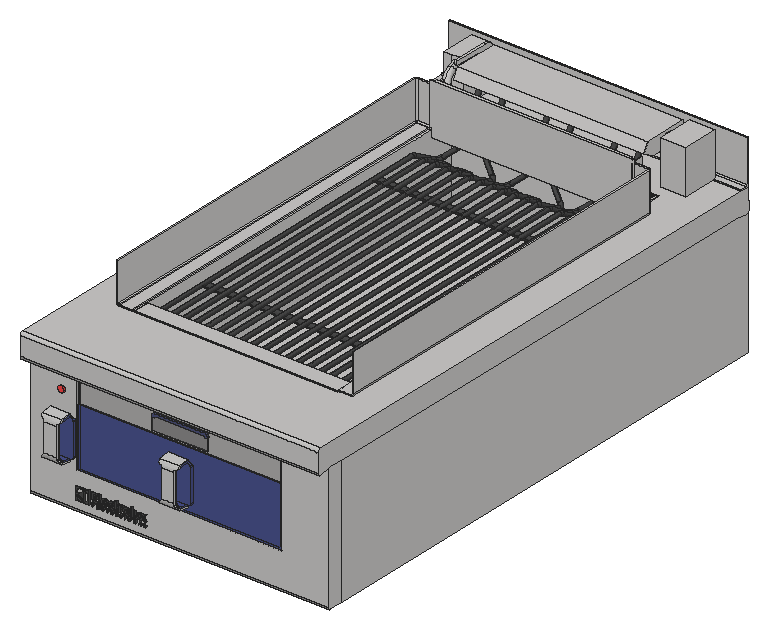
Revit family "QF_ELECTROLUXPROFESSIONAL_589285_MCDDABEOIO", category Specialty Equipment, Revit 2018
Family settings
  Round Connector Dimension = Use Diameter
  Part Type = Normal
  Work Plane-Based = No
  Always vertical = Yes
  Cut with Voids When Loaded = No
  Shared = No
  Room Calculation Point = No
Parameters
  Weight = 29.4835 kg
  Watts = 0 W
  Volts = 0 V
  URL Manufacturer = ""
  URL = ""
  Steam Supply Size = 0"
  Steam Supply Minimum Pressure = 0.00 psi
  Steam Supply Maximum Pressure = 0.00 psi
  Steam Pounds per Hour = 0
  Refrigeration Suction Line Size = 0"
  Refrigeration Liquid Line Size = 0"
  Refrigerant Compressor Remote = yes
  Phase = 0
  Model = ""
  Manufacturer = ""
  Length Actual = 500 mm  # constant formula
  Item Number = ""
  Hot Water Size = 0"
  Height Actual = 250 mm  # constant formula
  HP = "7.2 HP"
  Gas Size = 0"
  Gas KW = 0
  Gas Input Pressure = 0.0 Btu/h
  Direct Waste Size = 1/2"
  Description = ""
  Depth Actual = 900 mm  # constant formula
  Cycle = 0 Hz
  Condensate Return Size = 0"
  Compressed Air Volume = 0 GPM
  Compressed Air Size = 0"
  Compressed Air Pressure = 0.00 psi
  Cold Water Size = 0"
  Accessory = yes
Reference planes
  plane 1 "BACK": y = 0
  plane 2: z = 0
  plane 3 "LEFT": x = 0
  plane 4 "RIGHT": x = 500
  plane 5 "FRONT": y = -900
  plane 6 "PLAIN": z = 900
  plane 7 "Center (Left/Right)": x = 250
  plane 8 "Center (Front/Back)": y = -450
  plane 9 "Grill": z = 888
  plane 10 "MontanteBack": y = -70
  plane 11 "sCARICO": through (67.169, -71.534, 1219.2) normal (0.9563, 0.2923, 0)
  plane 12 "BASE": z = 650
  plane 13 "TOP": z = 974
  plane 14 "EI_x": y = -685
  plane 15 "EI_y": x = 456
  plane 16: z = 1624
Forms (mm)
  Sweep 1, solid, material "QF_Finishes_Stainless Steel"
    path origin (0, -5, 0) x (1, 0, 0) y (0, 1, 0)
      loop
        line (446.548, -756) -> (446.548, -136.621)
        arc (446.548, -136.621) -> (445.376, -133.793) -> (442.548, -132.621) r 4
        line (442.548, -132.621) -> (420.548, -132.621)
        arc (420.548, -132.621) -> (417.72, -131.449) -> (416.548, -128.621) r 4
        line (416.548, -128.621) -> (416.548, -114.621)
    profile origin (446.548, -451.31, 0) x (-1, 0, 0) y (0, 0, 1)
      loop
        line (1.048, 904) -> (1.048, 967.5) -> (-0.952, 967.5) -> (-0.952, 904)
        arc (-0.952, 904) -> (0.193, 900.815) -> (3.105, 899.09) r 5
        line (3.105, 899.09) -> (3.105, 901.152)
        arc (3.105, 901.152) -> (1.616, 902.244) -> (1.048, 904) r 3
  Sweep 2, solid, material "QF_Finishes_Stainless Steel"
    path origin (500, -5, 0) x (-1, 0, 0) y (0, 1, 0)
      loop
        line (446.548, -759) -> (446.548, -136.621)
        arc (446.548, -136.621) -> (445.376, -133.793) -> (442.548, -132.621) r 4
        line (442.548, -132.621) -> (420.548, -132.621)
        arc (420.548, -132.621) -> (417.72, -131.449) -> (416.548, -128.621) r 4
        line (416.548, -128.621) -> (416.548, -114.621)
    profile origin (53.452, -452.81, 0) x (-1, 0, 0) y (0, 0, 1)
      loop
        arc (-1.048, 904.91) -> (-1.616, 903.154) -> (-3.105, 902.062) r 3
        line (-3.105, 902.062) -> (-3.105, 900)
        arc (-3.105, 900) -> (-0.193, 901.725) -> (0.952, 904.91) r 5
        line (0.952, 904.91) -> (0.952, 967.5) -> (-1.048, 967.5) -> (-1.048, 904.91)
  Extrusion 3, solid, material "QF_Finishes_Stainless Steel"
    sketch origin (0, 0, 650) x (1, 0, 0) y (0, 0, 1)
      loop
        line (76, 105) -> (424, 105) -> (424, 250) -> (419, 250) -> (419, 110) -> (81, 110) -> (81, 250) -> (76, 250) -> (76, 105)
    from 92 to 761.249
  Extrusion 4, solid, material "QF_Finishes_Stainless Steel"
    sketch origin (0, 0, 650) x (0, 1, 0) y (0, 0, 1)
      loop
        arc (-4.695, 210.061) -> (-1.429, 210.936) -> (0, 214) r 4
        line (0, 214) -> (0, 246)
        arc (0, 246) -> (-1.172, 248.828) -> (-4, 250) r 4
        line (-4, 250) -> (-895, 250)
        arc (-895, 250) -> (-898.536, 248.536) -> (-900, 245) r 5
        line (-900, 245) -> (-900, 214)
        arc (-900, 214) -> (-898.571, 210.936) -> (-895.305, 210.061) r 4
        line (-895.305, 210.061) -> (-878.81, 212.969) -> (-21.19, 212.969) -> (-4.695, 210.061)
    from 0 to 500
  Extrusion 5, void
    sketch origin (0, 0, 650) x (1, 0, 0) y (0, 0, 1)
      loop
        line (76, 255) -> (76, 206.834) -> (424, 206.834) -> (424, 255) -> (76, 255)
    from 95 to 761
  Extrusion 6, solid, material "QF_Finishes_Stainless Steel"
    sketch origin (250, 303.899, 1047.01) x (0, 1, 0) y (0, 0, 1)
      loop
        circle (-352.832, -92.011) r 16
    from -173.505 to 161.495
  Sweep 7, solid, material "QF_Finishes_Stainless Steel"
    path origin (0, -70, -250) x (0, 0, 1) y (-1, 0, 0)
      loop
        line (1112.969, -2) -> (900, -2) -> (900, -498) -> (1113, -498)
    profile origin (2, -70, 756.485) x (0, -1, 0) y (1, 0, 0)
      loop
        line (25.019, 0) -> (25.019, 25) -> (22, 25) -> (22, 3) -> (-22, 3) -> (-22, 25) -> (-24.981, 25) -> (-24.981, 0) -> (25.019, 0)
  Extrusion 8, solid, material "QF_Finishes_Stainless Steel"
    sketch origin (0, 0, 888) x (0, 1, 0) y (-1, 0, 0)
      loop
        line (-761, -443.443) -> (-141.621, -443.443)
        arc (-141.621, -443.443) -> (-140.988, -443.181) -> (-140.726, -442.548) r 0.895
        line (-140.726, -442.548) -> (-140.726, -422.652) -> (-761, -422.652) -> (-761, -443.443)
      loop
        line (-764, -56.557) -> (-764, -77.348) -> (-140.726, -77.348) -> (-140.726, -57.452)
        arc (-140.726, -57.452) -> (-140.988, -56.819) -> (-141.621, -56.557) r 0.895
        line (-141.621, -56.557) -> (-764, -56.557)
    from 12 to 14.062
  Extrusion 9, solid, material "QF_Finishes_Black"
    sketch origin (250, 296.4, 1869.2) x (0, 1, 0) y (0, 0, 1)
      loop
        circle (-553.985, -991.468) r 4.002
      loop
        circle (-913.985, -991.468) r 4.002
    from -172 to 174
  Extrusion 10, solid, material "QF_Finishes_Stainless Steel"
    sketch origin (500, 0, 650) x (0, -1, 0) y (0, 0, 1)
      loop
        line (0, 214) -> (0, 0) -> (854, 0) -> (854, 212.969) -> (21.19, 212.969) -> (4.695, 210.061)
        arc (4.695, 210.061) -> (1.429, 210.936) -> (0, 214) r 4
    from 0 to 2
  Extrusion 11, solid, material "QF_Finishes_Stainless Steel"
    sketch origin (250, 296.4, 1869.2) x (0, 1, 0) y (0, 0, 1)
      loop
        arc (-296.4, -1005.2) -> (-296.936, -1007.2) -> (-298.4, -1008.664) r 4
        line (-298.4, -1008.664) -> (-298.4, -1219.2) -> (-296.4, -1219.2) -> (-296.4, -1005.2)
    from -248.691 to 248
  Extrusion 12, solid, material "QF_Finishes_Stainless Steel"
    sketch origin (0, 0, 650) x (0, 1, 0) y (0, 0, 1)
      loop
        arc (0, 214) -> (-1.429, 210.936) -> (-4.695, 210.061) r 4
        line (-4.695, 210.061) -> (-21.19, 212.969) -> (-854, 212.969) -> (-854, 0) -> (0, 0) -> (0, 214)
    from 0 to 2
  Extrusion 13, solid, material "QF_Finishes_Stainless Steel"
    sketch origin (0, 5, 888) x (0, 1, 0) y (-1, 0, 0)
      loop
        line (-16.433, -411.495) -> (-78.433, -411.495) -> (-78.433, -453.495) -> (-16.433, -453.495) -> (-16.433, -411.495)
    from 12 to 86
  Extrusion 14, solid, material "QF_Finishes_Stainless Steel"
    sketch origin (0, 5, 888) x (0, 1, 0) y (-1, 0, 0)
      loop
        line (-16.433, -76.495) -> (-16.433, -46.495) -> (-76.433, -46.495) -> (-76.433, -60.491) -> (-71.54, -76.495) -> (-16.433, -76.495)
    from 12 to 86
  Extrusion 15, solid, material "QF_Finishes_Stainless Steel"
    sketch origin (250, 296.4, 1043.2) x (0, 1, 0) y (0, 0, 1)
      loop
        line (-312.832, -69.2) -> (-387.871, -69.2) -> (-396.4, -83.974) -> (-375.871, -95.826) -> (-329.794, -95.826) -> (-312.832, -86.033) -> (-312.832, -69.2)
    from -163.443 to 154.184
  Extrusion 16, solid, material "QF_Finishes_Black"
    sketch origin (0, -900, 650) x (1, 0, 0) y (0, 0, 1)
      loop
        spline (109.591, 27.285) -> (109.385, 27.294) -> (109.166, 27.322) -> (108.939, 27.374) -> (108.71, 27.451) -> (108.486, 27.559) -> (108.272, 27.7) -> (108.075, 27.878) -> (107.9, 28.096) -> (107.753, 28.358) -> (107.641, 28.667) -> (107.569, 29.026) -> (107.544, 29.44)
        line (107.544, 29.44) -> (107.544, 31.273) -> (113.596, 31.273) -> (113.596, 33.611) -> (107.543, 33.611) -> (107.543, 37.014) -> (113.982, 37.014) -> (113.982, 39.345) -> (105.065, 39.345) -> (105.065, 29.546)
        spline (105.065, 29.546) -> (105.088, 28.943) -> (105.155, 28.375) -> (105.269, 27.843) -> (105.431, 27.35) -> (105.642, 26.898) -> (105.903, 26.487) -> (106.215, 26.121) -> (106.581, 25.802) -> (107.001, 25.531) -> (107.476, 25.309) -> (108.008, 25.141) -> (108.597, 25.026)
        line (108.597, 25.026) -> (109.57, 24.956) -> (114.154, 24.956) -> (114.154, 27.285) -> (109.591, 27.285)
      loop
        line (115.915, 32.546) -> (115.915, 24.953) -> (118.393, 24.953) -> (118.393, 39.349) -> (115.915, 39.349) -> (115.915, 32.546)
      loop
        spline (130.665, 30.422) -> (130.623, 31.14) -> (130.499, 31.828) -> (130.296, 32.48) -> (130.018, 33.089) -> (129.668, 33.649) -> (129.249, 34.154) -> (128.766, 34.599) -> (128.222, 34.976) -> (127.62, 35.28) -> (126.963, 35.505) -> (126.255, 35.644) -> (125.499, 35.692)
        spline (125.499, 35.692) -> (124.728, 35.647) -> (123.994, 35.515) -> (123.305, 35.299) -> (122.666, 35.003) -> (122.081, 34.629) -> (121.556, 34.182) -> (121.097, 33.663) -> (120.71, 33.078) -> (120.399, 32.429) -> (120.17, 31.719) -> (120.029, 30.952) -> (119.98, 30.131)
        spline (119.98, 30.131) -> (120.027, 29.33) -> (120.164, 28.582) -> (120.388, 27.889) -> (120.693, 27.254) -> (121.076, 26.682) -> (121.533, 26.175) -> (122.057, 25.737) -> (122.647, 25.371) -> (123.296, 25.081) -> (124.002, 24.869) -> (124.758, 24.74) -> (125.562, 24.696)
        spline (125.562, 24.696) -> (125.954, 24.705) -> (126.341, 24.735) -> (126.725, 24.786) -> (127.103, 24.862) -> (127.477, 24.963) -> (127.846, 25.093) -> (128.211, 25.252) -> (128.571, 25.443) -> (128.926, 25.668) -> (129.275, 25.928) -> (129.62, 26.226) -> (129.96, 26.563)
        line (129.96, 26.563) -> (128.466, 28.016)
        spline (128.466, 28.016) -> (128.269, 27.826) -> (128.072, 27.653) -> (127.871, 27.495) -> (127.666, 27.353) -> (127.454, 27.228) -> (127.235, 27.118) -> (127.005, 27.025) -> (126.764, 26.949) -> (126.509, 26.889) -> (126.238, 26.847) -> (125.951, 26.821) -> (125.645, 26.812)
        spline (125.645, 26.812) -> (125.196, 26.834) -> (124.776, 26.9) -> (124.385, 27.007) -> (124.025, 27.153) -> (123.698, 27.338) -> (123.407, 27.559) -> (123.152, 27.815) -> (122.935, 28.103) -> (122.759, 28.423) -> (122.625, 28.772) -> (122.535, 29.148) -> (122.491, 29.551)
        line (122.491, 29.551) -> (130.624, 29.551) -> (130.665, 30.422)
      loop
        spline (128.134, 31.294) -> (128.11, 31.6) -> (128.04, 31.895) -> (127.927, 32.175) -> (127.774, 32.439) -> (127.584, 32.682) -> (127.362, 32.902) -> (127.108, 33.096) -> (126.828, 33.261) -> (126.524, 33.394) -> (126.199, 33.493) -> (125.856, 33.555) -> (125.499, 33.576)
        spline (125.499, 33.576) -> (125.117, 33.555) -> (124.748, 33.495) -> (124.397, 33.397) -> (124.067, 33.265) -> (123.761, 33.102) -> (123.482, 32.909) -> (123.233, 32.69) -> (123.018, 32.448) -> (122.839, 32.184) -> (122.7, 31.902) -> (122.604, 31.604) -> (122.554, 31.294)
        line (122.554, 31.294) -> (128.134, 31.294)
      loop
        spline (134.414, 30.194) -> (134.442, 30.655) -> (134.525, 31.092) -> (134.66, 31.503) -> (134.842, 31.883) -> (135.069, 32.23) -> (135.337, 32.541) -> (135.644, 32.813) -> (135.985, 33.042) -> (136.357, 33.225) -> (136.758, 33.36) -> (137.183, 33.444) -> (137.63, 33.472)
        spline (137.63, 33.472) -> (137.904, 33.463) -> (138.167, 33.438) -> (138.418, 33.396) -> (138.659, 33.338) -> (138.891, 33.263) -> (139.113, 33.174) -> (139.327, 33.069) -> (139.532, 32.95) -> (139.73, 32.816) -> (139.922, 32.668) -> (140.106, 32.506) -> (140.285, 32.331)
        line (140.285, 32.331) -> (141.821, 33.929)
        spline (141.821, 33.929) -> (141.515, 34.234) -> (141.201, 34.509) -> (140.877, 34.753) -> (140.545, 34.968) -> (140.205, 35.155) -> (139.858, 35.313) -> (139.503, 35.445) -> (139.141, 35.552) -> (138.772, 35.632) -> (138.397, 35.689) -> (138.016, 35.723) -> (137.63, 35.734)
        spline (137.63, 35.734) -> (136.855, 35.686) -> (136.114, 35.545) -> (135.411, 35.317) -> (134.754, 35.007) -> (134.15, 34.621) -> (133.605, 34.162) -> (133.125, 33.637) -> (132.718, 33.05) -> (132.39, 32.408) -> (132.147, 31.714) -> (131.997, 30.974) -> (131.945, 30.194)
        spline (131.945, 30.194) -> (131.997, 29.414) -> (132.147, 28.674) -> (132.39, 27.981) -> (132.718, 27.338) -> (133.125, 26.751) -> (133.605, 26.226) -> (134.15, 25.767) -> (134.754, 25.381) -> (135.411, 25.071) -> (136.114, 24.843) -> (136.855, 24.702) -> (137.63, 24.654)
        spline (137.63, 24.654) -> (138.016, 24.665) -> (138.397, 24.699) -> (138.772, 24.756) -> (139.141, 24.837) -> (139.503, 24.943) -> (139.858, 25.075) -> (140.205, 25.233) -> (140.545, 25.42) -> (140.877, 25.635) -> (141.201, 25.879) -> (141.515, 26.154) -> (141.821, 26.46)
        line (141.821, 26.46) -> (140.285, 28.057)
        spline (140.285, 28.057) -> (140.106, 27.882) -> (139.922, 27.72) -> (139.73, 27.573) -> (139.532, 27.439) -> (139.327, 27.319) -> (139.113, 27.214) -> (138.891, 27.125) -> (138.659, 27.05) -> (138.418, 26.992) -> (138.167, 26.95) -> (137.904, 26.925) -> (137.63, 26.916)
        spline (137.63, 26.916) -> (137.183, 26.944) -> (136.758, 27.028) -> (136.357, 27.163) -> (135.985, 27.346) -> (135.644, 27.575) -> (135.337, 27.847) -> (135.069, 28.158) -> (134.842, 28.505) -> (134.66, 28.885) -> (134.525, 29.296) -> (134.442, 29.733) -> (134.414, 30.194)
      loop
        spline (148.14, 27.282) -> (147.921, 27.278) -> (147.687, 27.295) -> (147.443, 27.335) -> (147.196, 27.404) -> (146.952, 27.504) -> (146.717, 27.641) -> (146.497, 27.817) -> (146.298, 28.038) -> (146.127, 28.306) -> (145.989, 28.626) -> (145.891, 29.003) -> (145.839, 29.439)
        line (145.839, 29.439) -> (145.839, 33.112) -> (148.093, 33.112) -> (148.093, 35.363) -> (145.842, 35.363) -> (145.842, 39.349) -> (143.364, 39.349) -> (143.364, 29.299)
        spline (143.364, 29.299) -> (143.417, 28.715) -> (143.513, 28.167) -> (143.653, 27.655) -> (143.838, 27.182) -> (144.07, 26.749) -> (144.349, 26.358) -> (144.676, 26.011) -> (145.054, 25.709) -> (145.482, 25.456) -> (145.963, 25.252) -> (146.496, 25.099) -> (147.084, 25)
        line (147.084, 25) -> (148.131, 24.953) -> (148.14, 27.282)
      loop
        spline (156.479, 35.508) -> (156.05, 35.534) -> (155.637, 35.526) -> (155.241, 35.486) -> (154.864, 35.413) -> (154.506, 35.31) -> (154.168, 35.177) -> (153.853, 35.015) -> (153.559, 34.826) -> (153.29, 34.61) -> (153.046, 34.369) -> (152.828, 34.103) -> (152.637, 33.815)
        line (152.637, 33.815) -> (152.637, 35.363) -> (150.179, 35.363) -> (150.179, 24.953) -> (152.637, 24.953) -> (152.637, 30.426)
        spline (152.637, 30.426) -> (152.66, 30.841) -> (152.726, 31.228) -> (152.835, 31.585) -> (152.984, 31.911) -> (153.173, 32.205) -> (153.399, 32.464) -> (153.66, 32.687) -> (153.956, 32.873) -> (154.284, 33.02) -> (154.642, 33.127) -> (155.03, 33.193) -> (155.446, 33.215)
        line (155.446, 33.215) -> (156.479, 33.112) -> (156.479, 35.508)
      loop
        spline (168.219, 30.158) -> (168.167, 30.921) -> (168.016, 31.649) -> (167.772, 32.335) -> (167.444, 32.974) -> (167.036, 33.559) -> (166.556, 34.085) -> (166.01, 34.546) -> (165.406, 34.936) -> (164.75, 35.249) -> (164.049, 35.481) -> (163.31, 35.623) -> (162.539, 35.672)
        spline (162.539, 35.672) -> (161.763, 35.623) -> (161.02, 35.481) -> (160.318, 35.249) -> (159.661, 34.936) -> (159.057, 34.546) -> (158.513, 34.085) -> (158.035, 33.559) -> (157.628, 32.974) -> (157.301, 32.335) -> (157.059, 31.649) -> (156.909, 30.921) -> (156.858, 30.158)
        spline (156.858, 30.158) -> (156.909, 29.394) -> (157.059, 28.667) -> (157.301, 27.981) -> (157.628, 27.342) -> (158.035, 26.757) -> (158.513, 26.231) -> (159.057, 25.77) -> (159.661, 25.38) -> (160.318, 25.066) -> (161.02, 24.835) -> (161.763, 24.692) -> (162.539, 24.643)
        spline (162.539, 24.643) -> (163.31, 24.692) -> (164.049, 24.835) -> (164.75, 25.066) -> (165.406, 25.38) -> (166.01, 25.77) -> (166.556, 26.231) -> (167.036, 26.757) -> (167.444, 27.342) -> (167.772, 27.981) -> (168.016, 28.667) -> (168.167, 29.394) -> (168.219, 30.158)
      loop
        spline (165.76, 30.158) -> (165.731, 30.608) -> (165.648, 31.038) -> (165.512, 31.443) -> (165.329, 31.821) -> (165.101, 32.167) -> (164.831, 32.479) -> (164.524, 32.752) -> (164.182, 32.984) -> (163.809, 33.17) -> (163.409, 33.307) -> (162.984, 33.392) -> (162.539, 33.421)
        spline (162.539, 33.421) -> (162.089, 33.392) -> (161.662, 33.307) -> (161.26, 33.17) -> (160.886, 32.984) -> (160.545, 32.752) -> (160.238, 32.479) -> (159.97, 32.167) -> (159.744, 31.821) -> (159.562, 31.443) -> (159.428, 31.038) -> (159.345, 30.608) -> (159.317, 30.158)
        spline (159.317, 30.158) -> (159.345, 29.707) -> (159.428, 29.278) -> (159.562, 28.872) -> (159.744, 28.495) -> (159.97, 28.148) -> (160.238, 27.836) -> (160.545, 27.563) -> (160.886, 27.332) -> (161.26, 27.145) -> (161.662, 27.008) -> (162.089, 26.923) -> (162.539, 26.894)
        spline (162.539, 26.894) -> (162.984, 26.923) -> (163.409, 27.008) -> (163.809, 27.145) -> (164.182, 27.332) -> (164.524, 27.563) -> (164.831, 27.836) -> (165.101, 28.148) -> (165.329, 28.495) -> (165.512, 28.872) -> (165.648, 29.278) -> (165.731, 29.707) -> (165.76, 30.158)
      loop
        line (169.743, 32.794) -> (169.743, 24.953) -> (172.222, 24.953) -> (172.222, 39.349) -> (169.743, 39.349) -> (169.743, 32.794)
      loop
        line (181.161, 35.363) -> (181.161, 29.311)
        spline (181.161, 29.311) -> (181.141, 28.918) -> (181.083, 28.563) -> (180.989, 28.246) -> (180.861, 27.966) -> (180.702, 27.723) -> (180.513, 27.514) -> (180.297, 27.34) -> (180.057, 27.2) -> (179.793, 27.092) -> (179.509, 27.016) -> (179.207, 26.971) -> (178.889, 26.956)
        spline (178.889, 26.956) -> (178.571, 26.971) -> (178.269, 27.016) -> (177.985, 27.091) -> (177.721, 27.199) -> (177.481, 27.339) -> (177.265, 27.512) -> (177.076, 27.718) -> (176.917, 27.96) -> (176.789, 28.237) -> (176.695, 28.551) -> (176.637, 28.901) -> (176.617, 29.29)
        line (176.617, 29.29) -> (176.617, 35.363) -> (174.118, 35.363) -> (174.118, 29.083)
        spline (174.118, 29.083) -> (174.162, 28.372) -> (174.29, 27.725) -> (174.497, 27.141) -> (174.776, 26.621) -> (175.12, 26.163) -> (175.525, 25.768) -> (175.983, 25.435) -> (176.489, 25.163) -> (177.037, 24.953) -> (177.62, 24.803) -> (178.233, 24.714) -> (178.869, 24.684)
        spline (178.869, 24.684) -> (179.51, 24.714) -> (180.127, 24.805) -> (180.715, 24.957) -> (181.267, 25.17) -> (181.778, 25.446) -> (182.24, 25.784) -> (182.648, 26.184) -> (182.996, 26.648) -> (183.277, 27.176) -> (183.485, 27.768) -> (183.615, 28.424) -> (183.66, 29.146)
        line (183.66, 29.146) -> (183.66, 35.363) -> (181.161, 35.363)
      loop
        line (193.038, 28.282) -> (191.475, 30.467) -> (193.41, 33.104) -> (195.068, 35.363) -> (192.363, 35.363) -> (190.11, 32.244) -> (187.839, 35.363) -> (185.154, 35.363) -> (186.694, 33.256) -> (188.748, 30.447) -> (186.595, 27.449) -> (184.803, 24.953) -> (187.467, 24.953) -> (190.11, 28.63) -> (192.755, 24.953) -> (195.419, 24.953) -> (193.038, 28.282)
      loop
        line (106.459, 22.688) -> (104.542, 22.688) -> (104.542, 17.711) -> (105.565, 17.711) -> (105.565, 19.398) -> (106.459, 19.398)
        arc (106.459, 19.398) -> (108.104, 21.043) -> (106.459, 22.688) r 1.645
      loop
        line (106.418, 21.747) -> (105.565, 21.747) -> (105.565, 20.338) -> (106.418, 20.338)
        arc (106.418, 20.338) -> (107.122, 21.043) -> (106.418, 21.747) r 0.704
      loop
        line (114.268, 22.688) -> (112.316, 22.688) -> (112.316, 17.711) -> (113.339, 17.711) -> (113.339, 19.425) -> (114.12, 19.343) -> (115.101, 17.711) -> (116.262, 17.711) -> (115.068, 19.677)
        arc (115.068, 19.677) -> (115.692, 20.259) -> (115.91, 21.084) r 1.536
        arc (115.91, 21.084) -> (115.416, 22.22) -> (114.268, 22.688) r 1.643
      loop
        arc (114.178, 20.359) -> (114.873, 21.02) -> (114.247, 21.747) r 0.696
        line (114.247, 21.747) -> (113.339, 21.747) -> (113.339, 20.359) -> (114.178, 20.359)
      loop
        circle (122.616, 20.2) r 2.585
      loop
        circle (122.616, 20.2) r 1.64
      loop
        line (129.481, 22.688) -> (129.481, 17.711) -> (130.504, 17.711) -> (130.504, 19.757) -> (132.377, 19.757) -> (132.377, 20.698) -> (130.504, 20.698) -> (130.504, 21.747) -> (132.557, 21.747) -> (132.557, 22.688) -> (129.481, 22.688)
      loop
        line (136.778, 22.688) -> (136.778, 19.325)
        arc (136.778, 19.325) -> (137.237, 18.185) -> (138.371, 17.711) r 1.593
        line (138.371, 17.711) -> (139.978, 17.711) -> (139.978, 18.498) -> (138.577, 18.498)
        arc (138.577, 18.498) -> (138.029, 18.725) -> (137.802, 19.273) r 0.775
        line (137.802, 19.273) -> (137.802, 20.101) -> (139.792, 20.101) -> (139.792, 20.883) -> (137.802, 20.883) -> (137.802, 21.747) -> (139.93, 21.747) -> (139.93, 22.688) -> (136.778, 22.688)
      loop
        line (146.672, 21.383) -> (147.407, 21.887)
        arc (147.407, 21.887) -> (146.726, 22.552) -> (145.799, 22.771) r 1.782
        arc (145.799, 22.771) -> (145.183, 22.647) -> (144.637, 22.336) r 1.974
        arc (144.637, 22.336) -> (144.379, 22.025) -> (144.263, 21.637) r 1.013
        arc (144.263, 21.637) -> (144.274, 21.184) -> (144.388, 20.745) r 1.985
        arc (144.388, 20.745) -> (144.831, 20.266) -> (145.409, 19.962) r 1.928
        arc (145.409, 19.962) -> (145.943, 19.746) -> (146.449, 19.469) r 5.041
        arc (146.449, 19.469) -> (146.646, 19.138) -> (146.49, 18.785) r 0.42
        arc (146.49, 18.785) -> (145.949, 18.565) -> (145.377, 18.68) r 1.016
        arc (145.377, 18.68) -> (144.956, 18.922) -> (144.692, 19.329) r 1.033
        line (144.692, 19.329) -> (143.91, 18.839)
        arc (143.91, 18.839) -> (144.22, 18.327) -> (144.673, 17.936) r 1.914
        arc (144.673, 17.936) -> (145.246, 17.691) -> (145.867, 17.629) r 2.063
        arc (145.867, 17.629) -> (146.634, 17.782) -> (147.325, 18.149) r 2.696
        arc (147.325, 18.149) -> (147.63, 18.96) -> (147.473, 19.813) r 1.618
        arc (147.473, 19.813) -> (147.132, 20.206) -> (146.697, 20.49) r 1.876
        arc (146.697, 20.49) -> (146.146, 20.736) -> (145.582, 20.948) r 9.883
        arc (145.582, 20.948) -> (145.255, 21.455) -> (145.727, 21.831) r 0.45
        arc (145.727, 21.831) -> (146.251, 21.716) -> (146.672, 21.383) r 1.197
      loop
        line (154.19, 21.383) -> (154.925, 21.887)
        arc (154.925, 21.887) -> (154.244, 22.552) -> (153.318, 22.771) r 1.782
        arc (153.318, 22.771) -> (152.701, 22.647) -> (152.155, 22.336) r 1.974
        arc (152.155, 22.336) -> (151.897, 22.025) -> (151.781, 21.637) r 1.013
        arc (151.781, 21.637) -> (151.793, 21.184) -> (151.906, 20.745) r 1.985
        arc (151.906, 20.745) -> (152.35, 20.266) -> (152.927, 19.962) r 1.928
        arc (152.927, 19.962) -> (153.462, 19.746) -> (153.967, 19.469) r 5.041
        arc (153.967, 19.469) -> (154.165, 19.138) -> (154.009, 18.785) r 0.42
        arc (154.009, 18.785) -> (153.468, 18.565) -> (152.895, 18.68) r 1.016
        arc (152.895, 18.68) -> (152.474, 18.922) -> (152.21, 19.329) r 1.033
        line (152.21, 19.329) -> (151.428, 18.839)
        arc (151.428, 18.839) -> (151.738, 18.327) -> (152.191, 17.936) r 1.914
        arc (152.191, 17.936) -> (152.764, 17.691) -> (153.385, 17.629) r 2.063
        arc (153.385, 17.629) -> (154.152, 17.782) -> (154.843, 18.149) r 2.696
        arc (154.843, 18.149) -> (155.149, 18.96) -> (154.991, 19.813) r 1.618
        arc (154.991, 19.813) -> (154.65, 20.206) -> (154.215, 20.49) r 1.876
        arc (154.215, 20.49) -> (153.665, 20.736) -> (153.1, 20.948) r 9.883
        arc (153.1, 20.948) -> (152.774, 21.455) -> (153.245, 21.831) r 0.45
        arc (153.245, 21.831) -> (153.769, 21.716) -> (154.19, 21.383) r 1.197
      loop
        line (159.382, 22.688) -> (159.382, 17.711) -> (160.405, 17.711) -> (160.405, 22.688) -> (159.382, 22.688)
      loop
        circle (167.305, 20.2) r 1.548
      loop
        circle (167.305, 20.2) r 2.585
      loop
        line (174.17, 17.711) -> (175.204, 17.711) -> (175.204, 20.84) -> (177.481, 17.711) -> (178.475, 17.711) -> (178.475, 22.688) -> (177.442, 22.688) -> (177.442, 19.464) -> (175.165, 22.688) -> (174.17, 22.688) -> (174.17, 17.711)
      loop
        line (183.635, 17.711) -> (184.12, 18.785) -> (185.961, 18.785) -> (186.445, 17.711) -> (187.545, 17.711) -> (185.041, 22.688) -> (182.536, 17.711) -> (183.635, 17.711)
      loop
        line (185.041, 20.827) -> (184.579, 19.806) -> (185.501, 19.806) -> (185.041, 20.827)
      loop
        line (192.628, 18.652) -> (192.628, 22.688) -> (191.604, 22.688) -> (191.604, 17.711) -> (194.542, 17.711) -> (194.542, 18.652) -> (192.628, 18.652)
      loop
        line (77.595, 17.711) -> (99.258, 17.711) -> (99.258, 39.345) -> (77.595, 39.345) -> (77.595, 17.711)
      loop
        line (91.319, 38.283) -> (91.319, 18.818)
        arc (91.319, 18.818) -> (98.515, 28.55) -> (91.319, 38.283) r 10.18
      loop
        line (90.329, 36.874) -> (90.329, 38.283)
        arc (90.329, 38.283) -> (82.234, 36.443) -> (78.334, 29.115) r 9.976
        line (78.334, 29.115) -> (81.554, 29.115)
        arc (81.554, 29.115) -> (87.307, 31.45) -> (90.329, 36.874) r 9.351
      loop
        arc (78.334, 27.986) -> (82.227, 20.597) -> (90.329, 18.568) r 10.237
        line (90.329, 18.568) -> (90.329, 20.227)
        arc (90.329, 20.227) -> (87.307, 25.651) -> (81.554, 27.986) r 9.351
        line (81.554, 27.986) -> (78.334, 27.986)
    from -21 to -19.269
  Sweep 17, solid, material "QF_Finishes_Stainless Steel"
    path origin (41.436, 12.664, -176) x (-0.292277, 0.956334, 0) y (0, 0, 1)
      loop
        line (-85.95, 1138.999) -> (-105.35, 1138.999)
        arc (-105.35, 1138.999) -> (-118.785, 1133.434) -> (-124.35, 1119.999) r 19
        line (-124.35, 1119.999) -> (-124.35, 1115.999)
    profile origin (76.155, -100.934, 957.434) x (-0.206671, 0.67623, -0.707107) y (0.956334, 0.292277, 0)
      loop
        circle (0, 0) r 5.5
  Sweep 18, solid, material "QF_Finishes_Stainless Steel"
    path origin (41.436, 12.664, -176) x (-0.292277, 0.956334, 0) y (0, 0, 1)
      loop
        line (-124.348, 1102.5) -> (-124.348, 1115.999)
    profile origin (77.78, -106.254, 933.249) x (0.292277, -0.956334, 0) y (0.956334, 0.292277, 0)
      loop
        circle (0, 0) r 11
  Extrusion 19, solid, material "QF_Finishes_Stainless Steel"
    sketch origin (0, -900, 652) x (1, 0, 0) y (0, 0, 1)
      loop
        line (422.652, 248) -> (422.652, 249.152) -> (77.348, 249.152) -> (77.348, 248) -> (422.652, 248)
    from -136 to -165.099
  Extrusion 20, solid, material "QF_Finishes_Stainless Steel"
    sketch origin (0, -900, 650) x (1, 0, 0) y (0, 0, 1)
      loop
        line (419, 110) -> (419, 250) -> (81, 250) -> (81, 110) -> (419, 110)
    from -805 to -808
  Extrusion 21, solid, material "QF_Finishes_Stainless Steel"
    sketch origin (0, -900, 650) x (1, 0, 0) y (0, 0, 1)
      loop
        line (419, 110) -> (419, 250) -> (81, 250) -> (81, 110) -> (419, 110)
    from -808 to -800.351
  Extrusion 22, solid, material "QF_Finishes_Stainless Steel"
    sketch origin (0, -5, 888) x (0, 1, 0) y (-1, 0, 0)
      loop
        line (-135.726, -79.452) -> (-135.726, -420.548)
        arc (-135.726, -420.548) -> (-134.341, -416.333) -> (-130.726, -413.762) r 7.105
        line (-130.726, -413.762) -> (-130.726, -86.238)
        arc (-130.726, -86.238) -> (-134.341, -83.667) -> (-135.726, -79.452) r 7.105
    from 0 to 86
  Extrusion 23, solid, material "QF_Door-Drawer Clearances", detail levels coarse
    sketch origin (250, 877.348, 641.206) x (0, 0.044575, -0.999006) y (0, 0.999006, 0.044575)
      loop
        arc (-431.348, -1005.72) -> (-434.324, -1008.003) -> (-438.042, -1007.514) r 4.9
        line (-438.042, -1007.514) -> (-479.506, -983.574)
        arc (-479.506, -983.574) -> (-481.749, -982.645) -> (-484.156, -982.328) r 9.3
        line (-484.156, -982.328) -> (-991.538, -982.328)
        arc (-991.538, -982.328) -> (-993.945, -982.645) -> (-996.188, -983.574) r 9.3
        line (-996.188, -983.574) -> (-1028.49, -1002.224) -> (-1025.39, -1007.593)
        arc (-1025.39, -1007.593) -> (-803.235, -1464.639) -> (-319.312, -1619.76) r 646.254
        line (-319.312, -1619.76) -> (-292.319, -1014.784) -> (-425.979, -1008.82) -> (-384.68, -937.288) -> (-390.182, -934.418) -> (-431.348, -1005.72)
    from -175 to 175
  Extrusion 24, solid, material "QF_Door-Drawer Clearances", detail levels coarse
    sketch origin (250, 919.315, 5.04) x (0, 0.241505, -0.9704) y (0, 0.9704, 0.241505)
      loop
        line (-1169.89, -688.602) -> (-1186.107, -684.566) -> (-1209.741, -713.777) -> (-1181.784, -736.396) -> (-1169.89, -688.602)
    from -175 to 175
  Extrusion 25, solid, material "QF_Finishes_Stainless Steel"
    sketch origin (250, 301.4, 969.2) x (0, 1, 0) y (0, 0, 1)
      loop
        arc (-389.946, 12.113) -> (-392.946, 9.113) -> (-389.946, 6.113) r 3
        line (-389.946, 6.113) -> (-351.137, 6.113)
        arc (-351.137, 6.113) -> (-332.116, -7.071) -> (-337.783, -29.509) r 20.314
        arc (-337.783, -29.509) -> (-323.939, -33.624) -> (-328.64, -47.281) r 10.002
        line (-328.64, -47.281) -> (-321.318, -48.572) -> (-312.832, -46.769) -> (-312.832, -13.23) -> (-315.694, 0.231)
        arc (-315.694, 0.231) -> (-320.926, 8.77) -> (-330.366, 12.113) r 15
        line (-330.366, 12.113) -> (-389.946, 12.113)
    from -169.342 to -165.5
  Extrusion 26, solid, material "QF_Finishes_Stainless Steel"
    sketch origin (250, 301.4, 969.2) x (0, 1, 0) y (0, 0, 1)
      loop
        circle (-332.833, -38.2) r 10
    from -163.762 to -170.548
  Extrusion 27, solid, material "QF_Finishes_Stainless Steel"
    sketch origin (0, 0, 888) x (0, 1, 0) y (-1, 0, 0)
      loop
        circle (-163.701, -318.033) r 49
      loop
        circle (-163.701, -318.033) r 44
    from -76.325 to -128
  Extrusion 28, solid, material "QF_Finishes_Stainless Steel"
    sketch origin (0, 0, 888) x (0, 1, 0) y (-1, 0, 0)
      loop
        circle (-163.701, -318.033) r 35
    from -133 to -174.55
  Extrusion 29, void
    sketch origin (0, 0, 888) x (0, 1, 0) y (-1, 0, 0)
      loop
        circle (-163.701, -318.033) r 35
    from -133 to -128
  Extrusion 30, void
    sketch origin (0, 0, 888) x (0, 1, 0) y (-1, 0, 0)
      loop
        circle (-732.818, -86.446) r 3.406
    from -120.369 to -148.494
  Extrusion 31, solid, material "QF_Finishes_Stainless Steel"
    sketch origin (0, 0, 888) x (0, 1, 0) y (-1, 0, 0)
      loop
        circle (-732.818, -86.446) r 3.406
    from -140.159 to -120.202
  Extrusion 32, solid, material "QF_Finishes_Stainless Steel"
    sketch origin (0, 0, 650) x (0, 1, 0) y (-1, 0, 0)
      loop
        circle (-685, -456) r 10
    from 0 to 20
  Extrusion 33, solid, material "QF_Finishes_Stainless Steel"
    sketch origin (250, 296.4, 1219.2) x (0, 1, 0) y (0, 0, 1)
      loop
        line (-296.4, -245.2) -> (-298.4, -245.2) -> (-298.4, -315.2)
        arc (-298.4, -315.2) -> (-298.986, -316.614) -> (-300.4, -317.2) r 2
        line (-300.4, -317.2) -> (-312.832, -317.2) -> (-312.832, -319.2) -> (-300.4, -319.2)
        arc (-300.4, -319.2) -> (-297.571, -318.028) -> (-296.4, -315.2) r 4
        line (-296.4, -315.2) -> (-296.4, -245.2)
    from 250 to -250
  Extrusion 34, solid, material "QF_Finishes_Stainless Steel"
    sketch origin (0, 0, 650) x (0, 1, 0) y (-1, 0, 0)
      loop
        circle (-670, -299) r 6.35
    from 20 to 0
  Extrusion 35, solid, material "QF_Finishes_Stainless Steel"
    sketch origin (0, 0, 650) x (0, 1, 0) y (-1, 0, 0)
      loop
        circle (-523, -445) r 10
    from 0 to 20
Cuts and joins
  Extrusion 5 cuts Extrusion 4
  Extrusion 29, Extrusion 30 cuts Extrusion 3
Lines and regions (mm)
  symbolic lines
    curve 1: line (0, -900, 0) -> (0, 0, 0)
    curve 2: line (500, 0, 0) -> (500, -900, 0)
    curve 3: line (91.601, -613.654, 888) -> (104.401, -613.654, 888)
    curve 4: line (91.601, -621.654, 888) -> (104.401, -621.654, 888)
    curve 5: line (110.601, -613.654, 888) -> (123.401, -613.654, 888)
    curve 6: line (110.601, -621.654, 888) -> (123.401, -621.654, 888)
    curve 7: line (129.601, -613.654, 888) -> (142.401, -613.654, 888)
    curve 8: line (129.601, -621.654, 888) -> (142.401, -621.654, 888)
    curve 9: line (148.601, -613.654, 888) -> (161.401, -613.654, 888)
    curve 10: line (148.601, -621.654, 888) -> (161.401, -621.654, 888)
    curve 11: line (167.602, -613.654, 888) -> (180.601, -613.654, 888)
    curve 12: line (167.602, -621.654, 888) -> (180.601, -621.654, 888)
    curve 13: line (205.601, -613.654, 888) -> (218.401, -613.654, 888)
    curve 14: line (205.601, -621.654, 888) -> (218.401, -621.654, 888)
    curve 15: line (224.601, -613.654, 888) -> (237.401, -613.654, 888)
    curve 16: line (224.601, -621.654, 888) -> (237.401, -621.654, 888)
    curve 17: line (243.601, -613.654, 888) -> (256.401, -613.654, 888)
    curve 18: line (243.601, -621.654, 888) -> (256.401, -621.654, 888)
    curve 19: line (262.601, -613.654, 888) -> (275.401, -613.654, 888)
    curve 20: line (262.601, -621.654, 888) -> (275.401, -621.654, 888)
    curve 21: line (281.602, -613.654, 888) -> (294.401, -613.654, 888)
    curve 22: line (281.602, -621.654, 888) -> (294.401, -621.654, 888)
    curve 23: line (300.601, -613.654, 888) -> (313.401, -613.654, 888)
    curve 24: line (300.601, -621.654, 888) -> (313.401, -621.654, 888)
    curve 25: line (319.401, -613.654, 888) -> (332.401, -613.654, 888)
    curve 26: line (319.401, -621.654, 888) -> (332.401, -621.654, 888)
    curve 27: line (338.601, -613.654, 888) -> (351.401, -613.654, 888)
    curve 28: line (338.601, -621.654, 888) -> (351.401, -621.654, 888)
    curve 29: line (357.601, -613.654, 888) -> (370.401, -613.654, 888)
    curve 30: line (357.601, -621.654, 888) -> (370.401, -621.654, 888)
    curve 31: line (376.601, -613.654, 888) -> (389.401, -613.654, 888)
    curve 32: line (376.601, -621.654, 888) -> (389.401, -621.654, 888)
    curve 33: line (395.602, -613.654, 888) -> (408.401, -613.654, 888)
    curve 34: line (395.602, -621.654, 888) -> (408.401, -621.654, 888)
    curve 35: line (186.601, -613.654, 888) -> (199.401, -613.654, 888)
    curve 36: line (186.601, -621.654, 888) -> (199.401, -621.654, 888)
    curve 37: line (78, -613.654, 888) -> (85.401, -613.654, 888)
    curve 38: line (78, -621.654, 888) -> (85.401, -621.654, 888)
    curve 39: line (414.602, -613.654, 888) -> (422.652, -613.654, 888)
    curve 40: line (414.602, -621.654, 888) -> (422.652, -621.654, 888)
    curve 41: line (91.601, -253.654, 888) -> (104.401, -253.654, 888)
    curve 42: line (91.601, -261.654, 888) -> (104.401, -261.654, 888)
    curve 43: line (110.601, -253.654, 888) -> (123.401, -253.654, 888)
    curve 44: line (110.601, -261.654, 888) -> (123.401, -261.654, 888)
    curve 45: line (129.601, -253.654, 888) -> (142.401, -253.654, 888)
    curve 46: line (129.601, -261.654, 888) -> (142.401, -261.654, 888)
    curve 47: line (148.601, -253.654, 888) -> (161.401, -253.654, 888)
    curve 48: line (148.601, -261.654, 888) -> (161.401, -261.654, 888)
    curve 49: line (167.602, -253.654, 888) -> (180.601, -253.654, 888)
    curve 50: line (167.602, -261.654, 888) -> (180.601, -261.654, 888)
    curve 51: line (205.601, -253.654, 888) -> (218.401, -253.654, 888)
    curve 52: line (205.601, -261.654, 888) -> (218.401, -261.654, 888)
    curve 53: line (224.601, -253.654, 888) -> (237.401, -253.654, 888)
    curve 54: line (224.601, -261.654, 888) -> (237.401, -261.654, 888)
    curve 55: line (243.601, -253.654, 888) -> (256.401, -253.654, 888)
    curve 56: line (243.601, -261.654, 888) -> (256.401, -261.654, 888)
    curve 57: line (262.601, -253.654, 888) -> (275.401, -253.654, 888)
    curve 58: line (262.601, -261.654, 888) -> (275.401, -261.654, 888)
    curve 59: line (281.602, -253.654, 888) -> (294.401, -253.654, 888)
    curve 60: line (281.602, -261.654, 888) -> (294.401, -261.654, 888)
    curve 61: line (300.601, -253.654, 888) -> (313.401, -253.654, 888)
    curve 62: line (300.601, -261.654, 888) -> (313.401, -261.654, 888)
    curve 63: line (319.401, -253.654, 888) -> (332.401, -253.654, 888)
    curve 64: line (319.401, -261.654, 888) -> (332.401, -261.654, 888)
    curve 65: line (338.601, -253.654, 888) -> (351.401, -253.654, 888)
    curve 66: line (338.601, -261.654, 888) -> (351.401, -261.654, 888)
    curve 67: line (357.601, -253.654, 888) -> (370.401, -253.654, 888)
    curve 68: line (357.601, -261.654, 888) -> (370.401, -261.654, 888)
    curve 69: line (376.601, -253.654, 888) -> (389.401, -253.654, 888)
    curve 70: line (376.601, -261.654, 888) -> (389.401, -261.654, 888)
    curve 71: line (395.602, -253.654, 888) -> (408.401, -253.654, 888)
    curve 72: line (395.602, -261.654, 888) -> (408.401, -261.654, 888)
    curve 73: line (186.601, -253.654, 888) -> (199.401, -253.654, 888)
    curve 74: line (186.601, -261.654, 888) -> (199.401, -261.654, 888)
    curve 75: line (81, -253.654, 888) -> (85.401, -253.654, 888)
    curve 76: line (81, -261.654, 888) -> (85.401, -261.654, 888)
    curve 77: line (414.602, -253.654, 888) -> (419, -253.654, 888)
    curve 78: line (414.602, -261.654, 888) -> (419, -261.654, 888)
    curve 79: arc (57.452, -140.726, 888) -> (56.819, -140.988, 888) -> (56.557, -141.621, 888) r 0.895
    curve 80: line (56.557, -141.621, 888) -> (56.557, -764, 888)
    curve 81: line (52.5, -141.621, 888) -> (52.5, -764, 888)
    curve 82: arc (52.5, -141.621, 888) -> (53.95, -138.119, 888) -> (57.452, -136.669, 888) r 4.952
    curve 83: line (79.452, -136.669, 888) -> (57.452, -136.669, 888)
    curve 84: line (56.557, -764, 888) -> (52.5, -764, 888)
    curve 85: line (56.557, -764, 888) -> (77.348, -764, 888)
    curve 86: line (77.348, -763.975, 888) -> (77.348, -140.726, 888)
    curve 87: line (422.652, -140.726, 888) -> (422.652, -763.975, 888)
    curve 88: line (422.652, -761, 888) -> (443.443, -761, 888)
    curve 89: line (447.5, -761, 888) -> (443.443, -761, 888)
    curve 90: line (447.5, -761, 888) -> (447.5, -141.621, 888)
    curve 91: line (443.443, -761, 888) -> (443.443, -141.621, 888)
    curve 92: arc (443.443, -141.621, 888) -> (443.181, -140.988, 888) -> (442.548, -140.726, 888) r 0.895
    curve 93: arc (447.5, -141.621, 888) -> (446.05, -138.119, 888) -> (442.548, -136.669, 888) r 4.952
    curve 94: line (442.548, -136.669, 888) -> (420.548, -136.669, 888)
    curve 95: line (442.548, -140.726, 888) -> (420.548, -140.726, 888)
    curve 96: line (411.495, -16.433, 888) -> (84.5, -16.433, 888)
    curve 97: line (86.557, -16.433, 888) -> (86.557, -100.033, 888)
    curve 98: line (404.184, -99.649, 888) -> (404.184, -16.433, 888)
    curve 99: line (453.495, -11.433, 888) -> (411.495, -11.433, 888)
    curve 100: line (411.495, -11.433, 888) -> (411.495, -73.433, 888)
    curve 101: line (453.495, -73.433, 888) -> (453.495, -11.433, 888)
    curve 102: line (411.495, -73.433, 888) -> (453.495, -73.433, 888)
    curve 103: line (76.495, -11.433, 888) -> (46.495, -11.433, 888)
    curve 104: line (76.495, -66.54, 888) -> (76.495, -11.433, 888)
    curve 105: line (46.495, -11.433, 888) -> (46.495, -71.433, 888)
    curve 106: line (46.495, -71.433, 888) -> (60.491, -71.433, 888)
    curve 107: line (60.491, -71.433, 888) -> (76.495, -66.54, 888)
    curve 108: line (83.041, -104.651, 888) -> (71.842, -67.963, 888)
    curve 109: line (84.5, -91.546, 888) -> (84.5, -11.433, 888)
    curve 110: line (80.658, -11.433, 888) -> (80.658, -91.546, 888)
    curve 111: line (84.5, -11.433, 888) -> (80.658, -11.433, 888)
    curve 112: line (76.495, -27.929, 888) -> (80.658, -27.929, 888)
    curve 113: line (411.495, -32.94, 888) -> (404.184, -32.94, 888)
    curve 114: line (76.495, -59.933, 888) -> (80.658, -59.933, 888)
    curve 115: line (411.495, -64.94, 888) -> (404.184, -64.94, 888)
    curve 116: line (0, -900, 888) -> (500, -900, 888)
    curve 117: line (500, 0, 888) -> (0, 0, 888)
    curve 118: line (0, -2, 888) -> (500, -2, 888)
    curve 119: line (86.557, -133.621, 888) -> (86.557, -119.621, 888)
    curve 120: line (86.557, -119.621, 888) -> (82.5, -119.621, 888)
    curve 121: line (82.5, -119.621, 888) -> (82.5, -133.621, 888)
    curve 122: arc (79.452, -136.669, 888) -> (81.607, -135.776, 888) -> (82.5, -133.621, 888) r 3.048
    curve 123: arc (79.452, -140.726, 888) -> (84.476, -138.645, 888) -> (86.557, -133.621, 888) r 7.105
    curve 124: line (413.762, -135.726, 888) -> (86.238, -135.726, 888)
    curve 125: line (57.452, -140.726, 888) -> (420.548, -140.726, 888)
    curve 126: line (417.5, -133.621, 888) -> (417.5, -119.621, 888)
    curve 127: line (417.5, -119.621, 888) -> (413.443, -119.621, 888)
    curve 128: line (413.443, -119.621, 888) -> (413.443, -133.621, 888)
    curve 129: arc (420.548, -140.726, 888) -> (415.524, -138.645, 888) -> (413.443, -133.621, 888) r 7.105
    curve 130: arc (420.548, -136.669, 888) -> (418.393, -135.776, 888) -> (417.5, -133.621, 888) r 3.048
    curve 131: line (77.348, -763.975, 888) -> (422.652, -763.975, 888)
    curve 132: line (404.184, -100.033, 888) -> (86.557, -100.033, 888)
    curve 133: arc (80.259, -95.537, 888) -> (80.992, -116.775, 888) -> (69.739, -98.749, 888) r 11
    curve 134: arc (72.521, -107.862, 888) -> (79.387, -111.517, 888) -> (83.041, -104.651, 888) r 5.5
    curve 135: line (72.521, -107.862, 888) -> (61.323, -71.179, 888)
    curve 136: line (77.348, -734.875, 888) -> (422.652, -734.875, 888)
    curve 137: line (0, -16.433, 888) -> (46.495, -16.433, 888)
    curve 138: line (453.495, -16.433, 888) -> (500, -16.433, 888)
    curve 139: line (80.658, -16.433, 888) -> (76.495, -16.433, 888)
    curve 140: line (80.992, -116.775, 888) -> (80.992, -136.251, 888)
    curve 141: line (76, -117.109, 888) -> (76, -136.669, 888)
    curve 142: line (424, -92, 888) -> (424, -136.669, 888)
    curve 143: line (424, -92, 888) -> (404.184, -92, 888)
    curve 144: line (76.495, -64.933, 888) -> (80.658, -64.933, 888)
    curve 145: line (84.5, -64.933, 888) -> (86.557, -64.933, 888)
    curve 146: line (76.495, -32.929, 888) -> (80.658, -32.929, 888)
    curve 147: line (84.5, -32.875, 888) -> (86.557, -32.875, 888)
    curve 148: line (80.658, -91.546, 888) -> (84.5, -91.546, 888)
Dimensions and locks
  plane 3 "LEFT" to plane 4 "RIGHT" = 500 mm
  plane 5 "FRONT" to plane 1 "BACK" = 900 mm
  equal spacing: plane 3 "LEFT", plane 7 "Center (Left/Right)", plane 4 "RIGHT"
  equal spacing: plane 5 "FRONT", plane 8 "Center (Front/Back)", plane 1 "BACK"
  plane 6 "PLAIN" to level = 900 mm  (x2)
  plane 1 "BACK" to plane 5 "FRONT" = 900 mm
  plane 1 "BACK" to plane 10 "MontanteBack" = 70 mm
  plane 6 "PLAIN" to plane 12 "BASE" = 250 mm
  plane 13 "TOP" to plane 12 "BASE" = 324 mm
  plane 12 "BASE" to level = 650 mm
  plane 14 "EI_x" to plane 1 "BACK" = 685 mm
  plane 15 "EI_y" to plane 4 "RIGHT" = 44 mm
  plane 6 "PLAIN" to plane 12 "BASE" to level = 250 mm, 650 mm
  plane 6 "PLAIN" to plane 16 = 724 mm
  aligned and locked: level to plane 2
  aligned and locked: plane 7 "Center (Left/Right)" to nested 1
Automatic sketch dimensions
  plane 1 "BACK" to curve 2 = 0 mm
  curve 2 to plane 4 "RIGHT" = 0 mm
  plane 1 "BACK" to curve 1 = 0 mm
  curve 1 to plane 3 "LEFT" = 0 mm
  plane 5 "FRONT" to curve 2 = 0 mm
  plane 5 "FRONT" to curve 1 = 0 mm
  Sweep 1 sketch curve to Sweep 1 sketch curve = 0 mm  (x2)
  profile plane to Sweep 1 sketch curve = 0.952 mm
  Sweep 1 sketch curve to profile plane = 1.048 mm
  Sweep 1 sketch curve to profile plane = 3.105 mm
  Sweep 1 sketch curve to Sweep 1 sketch curve = 0.943 mm
  level to Sweep 1 sketch curve = 899.09 mm
  Sweep 1 sketch curve to Sweep 1 sketch curve = 63.5 mm
  Sweep 2 sketch curve to Sweep 2 sketch curve = 0 mm  (x2)
  profile plane to Sweep 2 sketch curve = 4.048 mm
  Sweep 2 sketch curve to Sweep 2 sketch curve = 0.943 mm
  profile plane to Sweep 2 sketch curve = 1.048 mm
  Sweep 2 sketch curve to profile plane = 0.952 mm
  level to Sweep 2 sketch curve = 900 mm
  Sweep 2 sketch curve to Sweep 2 sketch curve = 62.59 mm
  Extrusion 3 sketch curve to plane 6 "PLAIN" = 0 mm  (x2)
  plane 3 "LEFT" to Extrusion 3 sketch curve = 76 mm
  Extrusion 3 sketch curve to Extrusion 3 sketch curve = 5 mm  (x3)
  plane 15 "EI_y" to Extrusion 3 sketch curve = 37 mm
  plane 12 "BASE" to Extrusion 3 sketch curve = 110 mm
  Extrusion 4 sketch curve to plane 5 "FRONT" = 0 mm
  Extrusion 4 sketch curve to plane 6 "PLAIN" = 0 mm
  Extrusion 4 sketch curve to plane 1 "BACK" = 0 mm
  Extrusion 4 sketch curve to Extrusion 4 sketch curve = 4 mm
  Extrusion 4 sketch curve to Extrusion 4 sketch curve = 0.695 mm
  Extrusion 4 sketch curve to plane 5 "FRONT" = 5 mm
  Extrusion 4 sketch curve to Extrusion 4 sketch curve = 16.495 mm
  plane 1 "BACK" to Extrusion 4 sketch curve = 21.19 mm
  plane 1 "BACK" to Extrusion 4 sketch curve = 4.695 mm
  plane 1 "BACK" to Extrusion 4 sketch curve = 4 mm  (x2)
  Extrusion 4 sketch curve to plane 9 "Grill" = 24 mm  (x2)
  Extrusion 4 sketch curve to Extrusion 4 sketch curve = 2.909 mm
  Extrusion 5 sketch curve to plane 9 "Grill" = 31.166 mm
  plane 3 "LEFT" to Extrusion 5 sketch curve = 76 mm
  plane 15 "EI_y" to Extrusion 5 sketch curve = 32 mm
  plane 6 "PLAIN" to Extrusion 5 sketch curve = 5 mm
  Extrusion 6 sketch curve to plane 10 "MontanteBack" = 21.067 mm
  Extrusion 6 sketch curve to plane 13 "TOP" = 19.001 mm
  Sweep 7 sketch curve to plane 12 "BASE" = 0 mm
  plane 4 "RIGHT" to Sweep 7 sketch curve = 2 mm
  plane 3 "LEFT" to Sweep 7 sketch curve = 2 mm
  Sweep 7 sketch curve to plane 9 "Grill" = 25.031 mm
  Sweep 7 sketch curve to plane 9 "Grill" = 25 mm
  Sweep 7 sketch curve to profile plane = 0 mm
  Sweep 7 sketch curve to profile plane = 24.981 mm
  Sweep 7 sketch curve to Sweep 7 sketch curve = 2.981 mm
  Sweep 7 sketch curve to profile plane = 3 mm
  profile plane to Sweep 7 sketch curve = 22 mm
  Sweep 7 sketch curve to Sweep 7 sketch curve = 3.019 mm
  Sweep 7 sketch curve to Sweep 7 sketch curve = 22 mm  (x2)
  plane 15 "EI_y" to Extrusion 8 sketch curve = 12.557 mm
  plane 14 "EI_x" to Extrusion 8 sketch curve = 76 mm
  plane 14 "EI_x" to Extrusion 8 sketch curve = 79 mm
  plane 10 "MontanteBack" to Extrusion 8 sketch curve = 71.621 mm  (x2)
  Extrusion 8 sketch curve to Extrusion 8 sketch curve = 0.895 mm  (x2)
  Extrusion 8 sketch curve to Extrusion 8 sketch curve = 20.791 mm
  plane 3 "LEFT" to Extrusion 8 sketch curve = 77.348 mm
  Extrusion 8 sketch curve to Extrusion 8 sketch curve = 19.896 mm
  Extrusion 9 sketch curve to plane 9 "Grill" = 10.268 mm  (x2)
  Extrusion 9 sketch curve to plane 14 "EI_x" = 67.414 mm
  plane 10 "MontanteBack" to Extrusion 9 sketch curve = 187.586 mm
  Extrusion 10 sketch curve to plane 1 "BACK" = 0 mm  (x2)
  Extrusion 10 sketch curve to plane 12 "BASE" = 0 mm
  plane 1 "BACK" to Extrusion 10 sketch curve = 4 mm
  Extrusion 10 sketch curve to Extrusion 10 sketch curve = 0.695 mm
  Extrusion 10 sketch curve to Extrusion 10 sketch curve = 16.495 mm
  Extrusion 10 sketch curve to plane 5 "FRONT" = 46 mm
  Extrusion 10 sketch curve to plane 9 "Grill" = 27.939 mm
  Extrusion 10 sketch curve to Extrusion 10 sketch curve = 2.909 mm
  Extrusion 10 sketch curve to Extrusion 10 sketch curve = 0 mm
  Extrusion 11 sketch curve to plane 12 "BASE" = 0 mm
  Extrusion 11 sketch curve to plane 1 "BACK" = 0 mm  (x2)
  Extrusion 11 sketch curve to Extrusion 11 sketch curve = 2 mm  (x2)
  Extrusion 11 sketch curve to plane 9 "Grill" = 27.464 mm
  Extrusion 11 sketch curve to Extrusion 11 sketch curve = 0 mm
  Extrusion 12 sketch curve to plane 12 "BASE" = 0 mm
  Extrusion 12 sketch curve to plane 1 "BACK" = 0 mm  (x2)
  plane 1 "BACK" to Extrusion 12 sketch curve = 4 mm
  Extrusion 12 sketch curve to Extrusion 12 sketch curve = 0.695 mm
  Extrusion 12 sketch curve to Extrusion 12 sketch curve = 16.495 mm
  Extrusion 12 sketch curve to plane 5 "FRONT" = 46 mm
  Extrusion 12 sketch curve to plane 9 "Grill" = 27.939 mm
  Extrusion 12 sketch curve to Extrusion 12 sketch curve = 2.909 mm
  Extrusion 12 sketch curve to Extrusion 12 sketch curve = 0 mm
  plane 10 "MontanteBack" to Extrusion 13 sketch curve = 3.433 mm
  plane 15 "EI_y" to Extrusion 13 sketch curve = 2.505 mm
  plane 1 "BACK" to Extrusion 13 sketch curve = 11.433 mm
  Extrusion 13 sketch curve to Extrusion 13 sketch curve = 42 mm
  plane 10 "MontanteBack" to Extrusion 14 sketch curve = 1.433 mm
  Extrusion 14 sketch curve to plane 10 "MontanteBack" = 3.46 mm
  plane 1 "BACK" to Extrusion 14 sketch curve = 11.433 mm
  plane 3 "LEFT" to Extrusion 14 sketch curve = 76.495 mm
  Extrusion 14 sketch curve to Extrusion 14 sketch curve = 16.004 mm
  Extrusion 14 sketch curve to Extrusion 14 sketch curve = 30 mm
  Extrusion 15 sketch curve to plane 13 "TOP" = 0 mm
  Extrusion 15 sketch curve to plane 13 "TOP" = 14.774 mm
  plane 10 "MontanteBack" to Extrusion 15 sketch curve = 30 mm
  Extrusion 15 sketch curve to Extrusion 15 sketch curve = 8.529 mm
  plane 10 "MontanteBack" to Extrusion 15 sketch curve = 9.471 mm
  plane 1 "BACK" to Extrusion 15 sketch curve = 33.395 mm
  plane 1 "BACK" to Extrusion 15 sketch curve = 16.433 mm
  Extrusion 15 sketch curve to Extrusion 15 sketch curve = 16.833 mm
  Extrusion 16 sketch curve to Extrusion 16 sketch curve = 0 mm  (x28)
  plane 3 "LEFT" to Extrusion 16 sketch curve = 77.595 mm
  Extrusion 16 sketch curve to Extrusion 16 sketch curve = 0.739 mm
  Extrusion 16 sketch curve to Extrusion 16 sketch curve = 3.518 mm  (x2)
  Extrusion 16 sketch curve to Extrusion 16 sketch curve = 3.22 mm
  Extrusion 16 sketch curve to Extrusion 16 sketch curve = 6.738 mm
  Extrusion 16 sketch curve to Extrusion 16 sketch curve = 0.042 mm
  Extrusion 16 sketch curve to Extrusion 16 sketch curve = 0.215 mm
  Extrusion 16 sketch curve to Extrusion 16 sketch curve = 9.216 mm
  Extrusion 16 sketch curve to Extrusion 16 sketch curve = 2.037 mm
  Extrusion 16 sketch curve to Extrusion 16 sketch curve = 0.99 mm
  Extrusion 16 sketch curve to Extrusion 16 sketch curve = 7.939 mm
  Extrusion 16 sketch curve to Extrusion 16 sketch curve = 5.283 mm
  Extrusion 16 sketch curve to Extrusion 16 sketch curve = 5.807 mm
  Extrusion 16 sketch curve to Extrusion 16 sketch curve = 1.023 mm  (x7)
  Extrusion 16 sketch curve to Extrusion 16 sketch curve = 0.853 mm
  Extrusion 16 sketch curve to Extrusion 16 sketch curve = 0.041 mm  (x2)
  Extrusion 16 sketch curve to Extrusion 16 sketch curve = 2.477 mm
  Extrusion 16 sketch curve to Extrusion 16 sketch curve = 2.478 mm  (x2)
  plane 12 "BASE" to Extrusion 16 sketch curve = 25.026 mm
  Extrusion 16 sketch curve to Extrusion 16 sketch curve = 2.138 mm
  plane 12 "BASE" to Extrusion 16 sketch curve = 24.956 mm
  Extrusion 16 sketch curve to Extrusion 16 sketch curve = 0.973 mm
  plane 12 "BASE" to Extrusion 16 sketch curve = 27.285 mm
  Extrusion 16 sketch curve to Extrusion 16 sketch curve = 0.021 mm
  Extrusion 16 sketch curve to Extrusion 16 sketch curve = 2.746 mm
  Extrusion 16 sketch curve to Extrusion 16 sketch curve = 4.005 mm
  Extrusion 16 sketch curve to Extrusion 16 sketch curve = 0.386 mm
  plane 12 "BASE" to Extrusion 16 sketch curve = 19.343 mm
  Extrusion 16 sketch curve to Extrusion 16 sketch curve = 0.781 mm
  Extrusion 16 sketch curve to Extrusion 16 sketch curve = 0.558 mm
  Extrusion 16 sketch curve to Extrusion 16 sketch curve = 0.839 mm
  Extrusion 16 sketch curve to Extrusion 16 sketch curve = 0.069 mm
  Extrusion 16 sketch curve to Extrusion 16 sketch curve = 0.09 mm
  Extrusion 16 sketch curve to Extrusion 16 sketch curve = 0.106 mm  (x2)
  plane 12 "BASE" to Extrusion 16 sketch curve = 19.677 mm
  Extrusion 16 sketch curve to Extrusion 16 sketch curve = 0.948 mm
  plane 12 "BASE" to Extrusion 16 sketch curve = 17.711 mm  (x5)
  Extrusion 16 sketch curve to Extrusion 16 sketch curve = 1.762 mm
  Extrusion 16 sketch curve to Extrusion 16 sketch curve = 1.933 mm
  Extrusion 16 sketch curve to Extrusion 16 sketch curve = 1.161 mm
  plane 12 "BASE" to Extrusion 16 sketch curve = 30.131 mm
  Extrusion 16 sketch curve to Extrusion 16 sketch curve = 4.066 mm
  Extrusion 16 sketch curve to Extrusion 16 sketch curve = 2.511 mm
  plane 12 "BASE" to Extrusion 16 sketch curve = 31.294 mm
  Extrusion 16 sketch curve to Extrusion 16 sketch curve = 0.062 mm  (x3)
  Extrusion 16 sketch curve to Extrusion 16 sketch curve = 4.223 mm
  plane 12 "BASE" to Extrusion 16 sketch curve = 33.576 mm
  Extrusion 16 sketch curve to Extrusion 16 sketch curve = 2.946 mm  (x2)
  plane 12 "BASE" to Extrusion 16 sketch curve = 35.692 mm
  plane 12 "BASE" to Extrusion 16 sketch curve = 24.696 mm
  plane 12 "BASE" to Extrusion 16 sketch curve = 26.812 mm
  Extrusion 16 sketch curve to Extrusion 16 sketch curve = 0.083 mm
  Extrusion 16 sketch curve to Extrusion 16 sketch curve = 2.635 mm
  plane 12 "BASE" to Extrusion 16 sketch curve = 28.016 mm
  Extrusion 16 sketch curve to Extrusion 16 sketch curve = 2.822 mm
  Extrusion 16 sketch curve to Extrusion 16 sketch curve = 6.865 mm  (x2)
  plane 12 "BASE" to Extrusion 16 sketch curve = 26.563 mm
  Extrusion 16 sketch curve to Extrusion 16 sketch curve = 1.494 mm  (x2)
  plane 12 "BASE" to Extrusion 16 sketch curve = 29.551 mm
  Extrusion 16 sketch curve to Extrusion 16 sketch curve = 2.158 mm
  plane 12 "BASE" to Extrusion 16 sketch curve = 30.422 mm
  plane 12 "BASE" to Extrusion 16 sketch curve = 30.194 mm  (x2)
  Extrusion 16 sketch curve to Extrusion 16 sketch curve = 1.28 mm
  Extrusion 16 sketch curve to Extrusion 16 sketch curve = 1.873 mm
  Extrusion 16 sketch curve to Extrusion 16 sketch curve = 0.18 mm
  Extrusion 16 sketch curve to Extrusion 16 sketch curve = 2.469 mm
  Extrusion 16 sketch curve to Extrusion 16 sketch curve = 4.222 mm
  plane 12 "BASE" to Extrusion 16 sketch curve = 26.916 mm
  Extrusion 16 sketch curve to Extrusion 16 sketch curve = 0.851 mm  (x2)
  plane 12 "BASE" to Extrusion 16 sketch curve = 35.734 mm
  Extrusion 16 sketch curve to Extrusion 16 sketch curve = 3.216 mm
  plane 12 "BASE" to Extrusion 16 sketch curve = 33.472 mm
  plane 12 "BASE" to Extrusion 16 sketch curve = 24.654 mm
  Extrusion 16 sketch curve to Extrusion 16 sketch curve = 0.569 mm
  Extrusion 16 sketch curve to Extrusion 16 sketch curve = 0.206 mm  (x2)
  Extrusion 16 sketch curve to Extrusion 16 sketch curve = 1.215 mm
  Extrusion 16 sketch curve to Extrusion 16 sketch curve = 0.138 mm
  Extrusion 16 sketch curve to Extrusion 16 sketch curve = 1.402 mm
  plane 12 "BASE" to Extrusion 16 sketch curve = 28.057 mm
  Extrusion 16 sketch curve to Extrusion 16 sketch curve = 2.656 mm  (x2)
  plane 12 "BASE" to Extrusion 16 sketch curve = 32.331 mm
  plane 12 "BASE" to Extrusion 16 sketch curve = 33.929 mm
  Extrusion 16 sketch curve to Extrusion 16 sketch curve = 1.535 mm  (x2)
  plane 12 "BASE" to Extrusion 16 sketch curve = 26.46 mm
  Extrusion 16 sketch curve to Extrusion 16 sketch curve = 2.417 mm
  Extrusion 16 sketch curve to Extrusion 16 sketch curve = 1.543 mm
  Extrusion 16 sketch curve to Extrusion 16 sketch curve = 1.389 mm  (x2)
  plane 12 "BASE" to Extrusion 16 sketch curve = 18.839 mm  (x2)
  Extrusion 16 sketch curve to Extrusion 16 sketch curve = 0.126 mm  (x2)
